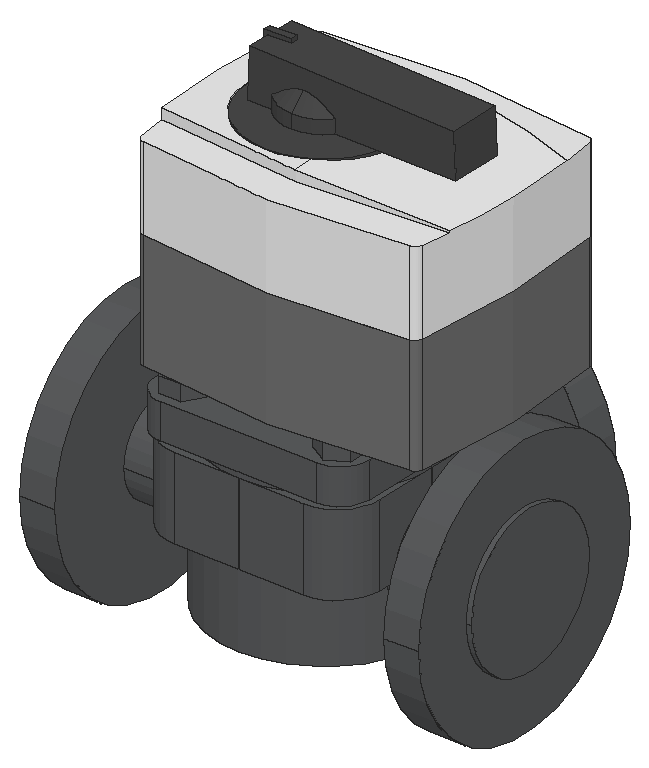
Revit family "HFE3_DN20-150_AMB 162(182)_RFA_1", category Pipe Accessories, Revit 2019 (continued)
Definition of nested family "HFE3 Symbol_Actuator"
  Automatic sketch dimensions
    curve 11 to plane 1 "Center (Front/Back)" = 0.01 mm
Types (11, lengths in mm): name | visibility50 | visibility150 | vertical body diameter | square width | square elevation | screw width | screw axis distance | horizontal body diameter | flange thickness | connector thickness | connector diameter | Weight | W | visibility20-125 | Operating Torque | Model Type | Model | L1 | L | Kvs | Ha | H | DN50 horizontal part | DN150 | D | B | Actuator Type | 2nd square width | 2nd square position | 2B
  (no name) | no | no | 73 | 73 | 27.5 | 12.8 | 10 | 32 | 12 | 2 | 50 | 3.50 kg | 115 | yes | "5 Nm" | "HFE3_DN20" | "065Z0428" | 70 | 140 | 12.0 m³/h | 140.685 | 185.685 | no | no | 20 | 45 | AMB 162(182)_RFA : AMB 162_3-point_24V_30s/°_082H0211_082H0216 | 73 | 2.265 | 90
  HFE3_DN20_065Z0428 | no | no | 73 | 73 | 27.5 | 12.8 | 10 | 32 | 12 | 2 | 50 | 3.50 kg | 115 | yes | "5 Nm" | "HFE3_DN20" | "065Z0428" | 70 | 140 | 12.0 m³/h | 140.685 | 185.685 | no | no | 20 | 45 | AMB 162(182)_RFA : AMB 162_3-point_24V_30s/°_082H0211_082H0216 | 73 | 2.265 | 90
  HFE3_DN25_065Z0429 | no | no | 73 | 73 | 27.5 | 12.8 | 10 | 39 | 12 | 2 | 60 | 4.00 kg | 125 | yes | "5 Nm" | "HFE3_DN25" | "065Z0429" | 75 | 150 | 18.0 m³/h | 140.685 | 190.685 | no | no | 25 | 50 | AMB 162(182)_RFA : AMB 162_3-point_24V_30s/°_082H0211_082H0216 | 73 | 2 | 100
  HFE3_DN32_065Z0430 | no | no | 103 | 104 | 32.5 | 13 | 13.1 | 52 | 14 | 2 | 70 | 6.60 kg | 140 | yes | "5 Nm" | "HFE3_DN32" | "065Z0430" | 80 | 160 | 28.0 m³/h | 145.685 | 205.685 | no | no | 32 | 60 | AMB 162(182)_RFA : AMB 162_3-point_24V_30s/°_082H0211_082H0216 | 101 | 6.755 | 120
  HFE3_DN40_065Z0431 | no | no | 103 | 104 | 33 | 12.8 | 13.1 | 55 | 13 | 3 | 80 | 7.20 kg | 152.5 | yes | "5 Nm" | "HFE3_DN40" | "065Z0431" | 87.5 | 175 | 44.0 m³/h | 146.185 | 211.185 | no | no | 40 | 65 | AMB 162(182)_RFA : AMB 162_3-point_24V_30s/°_082H0211_082H0216 | 101 | 8 | 130
  HFE3_DN50_065Z0432 | yes | no | 125 | 125 | 41 | 12.8 | 15.224 | 64.5 | 13 | 3 | 90 | 9.40 kg | 167.5 | yes | "5 Nm" | "HFE3_DN50" | "065Z0432" | 97.5 | 195 | 60.0 m³/h | 154.185 | 224.185 | yes | no | 50 | 70 | AMB 162(182)_RFA : AMB 162_3-point_24V_30s/°_082H0211_082H0216 | 117 | 9.331 | 140
  HFE3_DN65_065Z0433 | no | no | 125 | 125 | 41 | 12.8 | 15.224 | 86 | 13 | 3 | 110 | 11.50 kg | 180 | yes | "10 Nm" | "HFE3_DN65" | "065Z0433" | 100 | 200 | 90.0 m³/h | 154.185 | 234.185 | no | no | 65 | 80 | AMB 162(182)_RFA : AMB 162_3-point_24V_30s/°_082H0211_082H0216 | 117 | 9.621 | 160
  HFE3_DN80_065Z0434 | no | no | 146 | 147 | 56 | 12.8 | 16.9 | 96 | 16 | 3 | 114 | 17.00 kg | 212.5 | yes | "10 Nm" | "HFE3_DN80" | "065Z0434" | 117.5 | 235 | 150.0 m³/h | 169.185 | 264.185 | no | no | 80 | 95 | AMB 162(182)_RFA : AMB 162_3-point_24V_30s/°_082H0211_082H0216 | 141 | 8.716 | 190
  HFE3_DN100_065Z0435 | no | no | 170 | 170 | 64.5 | 12.8 | 19.6 | 118 | 16 | 3 | 134 | 22.50 kg | 237.5 | yes | "10 Nm" | "HFE3_DN100" | "065Z0435" | 132.5 | 265 | 225.0 m³/h | 177.685 | 282.685 | no | no | 128 | 105 | AMB 162(182)_RFA : AMB 162_3-point_24V_15s/°_082H0210_082H0215 | 159 | 14.331 | 210
  HFE3_DN125_065Z0436 | no | no | 170 | 170 | 73 | 12.8 | 19.6 | 144 | 17 | 3 | 178 | 29.50 kg | 270 | yes | "15 Nm" | "HFE3_DN125" | "065Z0436" | 150 | 300 | 280.0 m³/h | 186.185 | 306.185 | no | no | 125 | 120 | AMB 162(182)_RFA : AMB 162_3-point_24V_30s/°_082H0211_082H0216 | 161 | 5.5 | 240
  HFE3_DN150_065Z0437 | no | yes | 200 | 150 | 81 | 12.8 | 15.224 | 151 | 20 | 2 | 205 | 40.20 kg | 308 | no | "15 Nm" | "HFE3_DN150" | "065Z0437" | 175 | 350 | 400.0 m³/h | 194.185 | 327.185 | no | yes | 150 | 133 | AMB 162(182)_RFA : AMB 162_3-point_24V_30s/°_082H0211_082H0216 | 150 | 14.331 | 266
